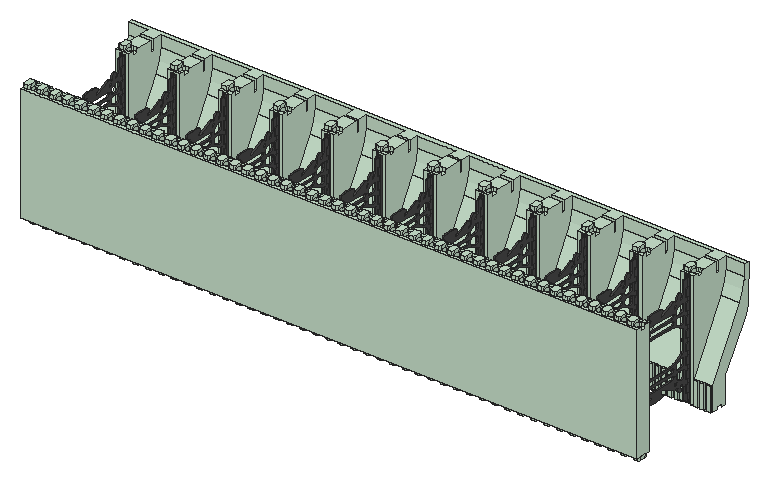
Revit family (continued)
Nested families (in)
  nested 79: "Interlock Tooth" at (21, -14.875, -18.5), type "Interlock Tooth"
  nested 80: "Interlock Tooth" at (23, -14.875, -18.5), type "Interlock Tooth"
  nested 81: "Interlock Tooth" at (25, -14.875, -18.5), type "Interlock Tooth"
  nested 82: "Interlock Tooth" at (27, -14.875, -18.5), type "Interlock Tooth"
  nested 83: "Interlock Tooth" at (29, -14.875, -18.5), type "Interlock Tooth"
  nested 84: "Interlock Tooth" at (31, -14.875, -18.5), type "Interlock Tooth"
  nested 85: "Interlock Tooth" at (33, -14.875, -18.5), type "Interlock Tooth"
  nested 86: "Interlock Tooth" at (35, -14.875, -18.5), type "Interlock Tooth"
  nested 87: "Interlock Tooth" at (37, -14.875, -18.5), type "Interlock Tooth"
  nested 88: "Interlock Tooth" at (39, -14.875, -18.5), type "Interlock Tooth"
  nested 89: "Interlock Tooth" at (41, -14.875, -18.5), type "Interlock Tooth"
  nested 90: "Interlock Tooth" at (43, -14.875, -18.5), type "Interlock Tooth"
  nested 91: "Interlock Tooth" at (45, -14.875, -18.5), type "Interlock Tooth"
  nested 92: "Interlock Tooth" at (47, -14.875, -18.5), type "Interlock Tooth"
  nested 93: "Interlock Tooth" at (49, -14.875, -18.5), type "Interlock Tooth"
  nested 94: "Interlock Tooth" at (51, -14.875, -18.5), type "Interlock Tooth"
  nested 95: "Interlock Tooth" at (53, -14.875, -18.5), type "Interlock Tooth"
  nested 96: "Interlock Tooth" at (55, -14.875, -18.5), type "Interlock Tooth"
  nested 97: "Interlock Tooth" at (57, -14.875, -18.5), type "Interlock Tooth"
  nested 98: "Interlock Tooth" at (59, -14.875, -18.5), type "Interlock Tooth"
  nested 99: "Interlock Tooth" at (61, -14.875, -18.5), type "Interlock Tooth"
  nested 100: "Interlock Tooth" at (63, -14.875, -18.5), type "Interlock Tooth"
  nested 101: "Interlock Tooth" at (65, -14.875, -18.5), type "Interlock Tooth"
  nested 102: "Interlock Tooth" at (67, -14.875, -18.5), type "Interlock Tooth"
  nested 103: "Interlock Tooth" at (69, -14.875, -18.5), type "Interlock Tooth"
  nested 104: "Interlock Tooth" at (71, -14.875, -18.5), type "Interlock Tooth"
  nested 105: "Interlock Tooth" at (73, -14.875, -18.5), type "Interlock Tooth"
  nested 106: "Interlock Tooth" at (75, -14.875, -18.5), type "Interlock Tooth"
  nested 107: "Interlock Tooth" at (77, -14.875, -18.5), type "Interlock Tooth"
  nested 108: "Interlock Tooth" at (79, -14.875, -18.5), type "Interlock Tooth"
  nested 109: "Interlock Tooth" at (81, -14.875, -18.5), type "Interlock Tooth"
  nested 110: "Interlock Tooth" at (83, -14.875, -18.5), type "Interlock Tooth"
  nested 111: "Interlock Tooth" at (85, -14.875, -18.5), type "Interlock Tooth"
  nested 112: "Interlock Tooth" at (87, -14.875, -18.5), type "Interlock Tooth"
  nested 113: "Interlock Tooth" at (89, -14.875, -18.5), type "Interlock Tooth"
  nested 114: "Interlock Tooth" at (91, -14.875, -18.5), type "Interlock Tooth"
  nested 115: "Interlock Tooth" at (93, -14.875, -18.5), type "Interlock Tooth"
  nested 116: "Interlock Tooth" at (95, -14.875, -18.5), type "Interlock Tooth"
  nested 117: "Interlock Tooth" at (0, 0, -18.5), type "Interlock Tooth"
  nested 118: "Interlock Tooth" at (2, 0, -18.5), type "Interlock Tooth"
  nested 119: "Interlock Tooth" at (4, 0, -18.5), type "Interlock Tooth"
  nested 120: "Interlock Tooth" at (6, 0, -18.5), type "Interlock Tooth"
  nested 121: "Interlock Tooth" at (8, 0, -18.5), type "Interlock Tooth"
  nested 122: "Interlock Tooth" at (10, 0, -18.5), type "Interlock Tooth"
  nested 123: "Interlock Tooth" at (12, 0, -18.5), type "Interlock Tooth"
  nested 124: "Interlock Tooth" at (14, 0, -18.5), type "Interlock Tooth"
  nested 125: "Interlock Tooth" at (16, 0, -18.5), type "Interlock Tooth"
  nested 126: "Interlock Tooth" at (18, 0, -18.5), type "Interlock Tooth"
  nested 127: "Interlock Tooth" at (20, 0, -18.5), type "Interlock Tooth"
  nested 128: "Interlock Tooth" at (22, 0, -18.5), type "Interlock Tooth"
  nested 129: "Interlock Tooth" at (24, 0, -18.5), type "Interlock Tooth"
  nested 130: "Interlock Tooth" at (26, 0, -18.5), type "Interlock Tooth"
  nested 131: "Interlock Tooth" at (28, 0, -18.5), type "Interlock Tooth"
  nested 132: "Interlock Tooth" at (30, 0, -18.5), type "Interlock Tooth"
  nested 133: "Interlock Tooth" at (32, 0, -18.5), type "Interlock Tooth"
  nested 134: "Interlock Tooth" at (34, 0, -18.5), type "Interlock Tooth"
  nested 135: "Interlock Tooth" at (36, 0, -18.5), type "Interlock Tooth"
  nested 136: "Interlock Tooth" at (38, 0, -18.5), type "Interlock Tooth"
  nested 137: "Interlock Tooth" at (40, 0, -18.5), type "Interlock Tooth"
  nested 138: "Interlock Tooth" at (42, 0, -18.5), type "Interlock Tooth"
  nested 139: "Interlock Tooth" at (44, 0, -18.5), type "Interlock Tooth"
  nested 140: "Interlock Tooth" at (46, 0, -18.5), type "Interlock Tooth"
  nested 141: "Interlock Tooth" at (48, 0, -18.5), type "Interlock Tooth"
  nested 142: "Interlock Tooth" at (50, 0, -18.5), type "Interlock Tooth"
  nested 143: "Interlock Tooth" at (52, 0, -18.5), type "Interlock Tooth"
  nested 144: "Interlock Tooth" at (54, 0, -18.5), type "Interlock Tooth"
  nested 145: "Interlock Tooth" at (56, 0, -18.5), type "Interlock Tooth"
  nested 146: "Interlock Tooth" at (58, 0, -18.5), type "Interlock Tooth"
  nested 147: "Interlock Tooth" at (60, 0, -18.5), type "Interlock Tooth"
  nested 148: "Interlock Tooth" at (62, 0, -18.5), type "Interlock Tooth"
  nested 149: "Interlock Tooth" at (64, 0, -18.5), type "Interlock Tooth"
  nested 150: "Interlock Tooth" at (66, 0, -18.5), type "Interlock Tooth"
  nested 151: "Interlock Tooth" at (68, 0, -18.5), type "Interlock Tooth"
  nested 152: "Interlock Tooth" at (70, 0, -18.5), type "Interlock Tooth"
  nested 153: "Interlock Tooth" at (72, 0, -18.5), type "Interlock Tooth"
  nested 154: "Interlock Tooth" at (74, 0, -18.5), type "Interlock Tooth"
  nested 155: "Interlock Tooth" at (76, 0, -18.5), type "Interlock Tooth"
  nested 156: "Interlock Tooth" at (78, 0, -18.5), type "Interlock Tooth"
  nested 157: "Interlock Tooth" at (80, 0, -18.5), type "Interlock Tooth"
  nested 158: "Interlock Tooth" at (82, 0, -18.5), type "Interlock Tooth"
  nested 159: "Interlock Tooth" at (84, 0, -18.5), type "Interlock Tooth"
  nested 160: "Interlock Tooth" at (86, 0, -18.5), type "Interlock Tooth"
  nested 161: "Interlock Tooth" at (88, 0, -18.5), type "Interlock Tooth"
  nested 162: "Interlock Tooth" at (90, 0, -18.5), type "Interlock Tooth"
  nested 163: "Interlock Tooth" at (92, 0, -18.5), type "Interlock Tooth"
  nested 164: "Interlock Tooth" at (94, 0, -18.5), type "Interlock Tooth"
  nested 165: "Interlock Tooth" at (0, 0, 0), type "Interlock Tooth", not visible
  nested 166: "Interlock Tooth" at (2, 0, 0), type "Interlock Tooth", not visible
  nested 167: "Interlock Tooth" at (4, 0, 0), type "Interlock Tooth", not visible
  nested 168: "Interlock Tooth" at (6, 0, 0), type "Interlock Tooth", not visible
  nested 169: "Interlock Tooth" at (8, 0, 0), type "Interlock Tooth", not visible
  nested 170: "Interlock Tooth" at (10, 0, 0), type "Interlock Tooth", not visible
  nested 171: "Interlock Tooth" at (12, 0, 0), type "Interlock Tooth", not visible
  nested 172: "Interlock Tooth" at (14, 0, 0), type "Interlock Tooth", not visible
  nested 173: "Interlock Tooth" at (16, 0, 0), type "Interlock Tooth", not visible
  nested 174: "Interlock Tooth" at (18, 0, 0), type "Interlock Tooth", not visible
  nested 175: "Interlock Tooth" at (20, 0, 0), type "Interlock Tooth", not visible
  nested 176: "Interlock Tooth" at (22, 0, 0), type "Interlock Tooth", not visible
  nested 177: "Interlock Tooth" at (24, 0, 0), type "Interlock Tooth", not visible
  nested 178: "Interlock Tooth" at (26, 0, 0), type "Interlock Tooth", not visible
  nested 179: "Interlock Tooth" at (28, 0, 0), type "Interlock Tooth", not visible
  nested 180: "Interlock Tooth" at (30, 0, 0), type "Interlock Tooth", not visible
  nested 181: "Interlock Tooth" at (32, 0, 0), type "Interlock Tooth", not visible
  nested 182: "Interlock Tooth" at (34, 0, 0), type "Interlock Tooth", not visible
  nested 183: "Interlock Tooth" at (36, 0, 0), type "Interlock Tooth", not visible
  nested 184: "Interlock Tooth" at (38, 0, 0), type "Interlock Tooth", not visible
  nested 185: "Interlock Tooth" at (40, 0, 0), type "Interlock Tooth", not visible
  nested 186: "Interlock Tooth" at (42, 0, 0), type "Interlock Tooth", not visible
  nested 187: "Interlock Tooth" at (44, 0, 0), type "Interlock Tooth", not visible
  nested 188: "Interlock Tooth" at (46, 0, 0), type "Interlock Tooth", not visible
  nested 189: "Interlock Tooth" at (48, 0, 0), type "Interlock Tooth", not visible
  nested 190: "Interlock Tooth" at (50, 0, 0), type "Interlock Tooth", not visible
  nested 191: "Interlock Tooth" at (52, 0, 0), type "Interlock Tooth", not visible
  nested 192: "Interlock Tooth" at (54, 0, 0), type "Interlock Tooth", not visible
  nested 193: "Interlock Tooth" at (56, 0, 0), type "Interlock Tooth", not visible
  nested 194: "Interlock Tooth" at (58, 0, 0), type "Interlock Tooth", not visible
  nested 195: "Interlock Tooth" at (60, 0, 0), type "Interlock Tooth", not visible
  nested 196: "Interlock Tooth" at (62, 0, 0), type "Interlock Tooth", not visible
  nested 197: "Interlock Tooth" at (64, 0, 0), type "Interlock Tooth", not visible
  nested 198: "Interlock Tooth" at (66, 0, 0), type "Interlock Tooth", not visible
  nested 199: "Interlock Tooth" at (68, 0, 0), type "Interlock Tooth", not visible
  nested 200: "Interlock Tooth" at (70, 0, 0), type "Interlock Tooth", not visible
  nested 201: "Interlock Tooth" at (72, 0, 0), type "Interlock Tooth", not visible
  nested 202: "Interlock Tooth" at (74, 0, 0), type "Interlock Tooth", not visible
  nested 203: "Interlock Tooth" at (76, 0, 0), type "Interlock Tooth", not visible
  nested 204: "Interlock Tooth" at (78, 0, 0), type "Interlock Tooth", not visible
  nested 205: "Interlock Tooth" at (80, 0, 0), type "Interlock Tooth", not visible
  nested 206: "Interlock Tooth" at (82, 0, 0), type "Interlock Tooth", not visible
  nested 207: "Interlock Tooth" at (84, 0, 0), type "Interlock Tooth", not visible
  nested 208: "Interlock Tooth" at (86, 0, 0), type "Interlock Tooth", not visible
  nested 209: "Interlock Tooth" at (88, 0, 0), type "Interlock Tooth", not visible
  nested 210: "Interlock Tooth" at (90, 0, 0), type "Interlock Tooth", not visible
  nested 211: "Interlock Tooth" at (92, 0, 0), type "Interlock Tooth", not visible
  nested 212: "Interlock Tooth" at (94, 0, 0), type "Interlock Tooth", not visible
  nested 213: "Interlock Tooth" at (1, 8.875, 0), type "Interlock Tooth", not visible
  nested 214: "Interlock Tooth" at (3, 8.875, 0), type "Interlock Tooth", not visible
  nested 215: "Interlock Tooth" at (5, 8.875, 0), type "Interlock Tooth", not visible
  nested 216: "Interlock Tooth" at (7, 8.875, 0), type "Interlock Tooth", not visible
  nested 217: "Interlock Tooth" at (9, 8.875, 0), type "Interlock Tooth", not visible
  nested 218: "Interlock Tooth" at (11, 8.875, 0), type "Interlock Tooth", not visible
  nested 219: "Interlock Tooth" at (13, 8.875, 0), type "Interlock Tooth", not visible
  nested 220: "Interlock Tooth" at (15, 8.875, 0), type "Interlock Tooth", not visible
  nested 221: "Interlock Tooth" at (17, 8.875, 0), type "Interlock Tooth", not visible
  nested 222: "Interlock Tooth" at (19, 8.875, 0), type "Interlock Tooth", not visible
  nested 223: "Interlock Tooth" at (21, 8.875, 0), type "Interlock Tooth", not visible
  nested 224: "Interlock Tooth" at (23, 8.875, 0), type "Interlock Tooth", not visible
  nested 225: "Interlock Tooth" at (25, 8.875, 0), type "Interlock Tooth", not visible
  nested 226: "Interlock Tooth" at (27, 8.875, 0), type "Interlock Tooth", not visible
  nested 227: "Interlock Tooth" at (29, 8.875, 0), type "Interlock Tooth", not visible
  nested 228: "Interlock Tooth" at (31, 8.875, 0), type "Interlock Tooth", not visible
  nested 229: "Interlock Tooth" at (33, 8.875, 0), type "Interlock Tooth", not visible
  nested 230: "Interlock Tooth" at (35, 8.875, 0), type "Interlock Tooth", not visible
  nested 231: "Interlock Tooth" at (37, 8.875, 0), type "Interlock Tooth", not visible
  nested 232: "Interlock Tooth" at (39, 8.875, 0), type "Interlock Tooth", not visible
  nested 233: "Interlock Tooth" at (41, 8.875, 0), type "Interlock Tooth", not visible
  nested 234: "Interlock Tooth" at (43, 8.875, 0), type "Interlock Tooth", not visible
  nested 235: "Interlock Tooth" at (45, 8.875, 0), type "Interlock Tooth", not visible
  nested 236: "Interlock Tooth" at (47, 8.875, 0), type "Interlock Tooth", not visible
  nested 237: "Interlock Tooth" at (49, 8.875, 0), type "Interlock Tooth", not visible
  nested 238: "Interlock Tooth" at (51, 8.875, 0), type "Interlock Tooth", not visible
  nested 239: "Interlock Tooth" at (53, 8.875, 0), type "Interlock Tooth", not visible
  nested 240: "Interlock Tooth" at (55, 8.875, 0), type "Interlock Tooth", not visible
  nested 241: "Interlock Tooth" at (57, 8.875, 0), type "Interlock Tooth", not visible
  nested 242: "Interlock Tooth" at (59, 8.875, 0), type "Interlock Tooth", not visible
  nested 243: "Interlock Tooth" at (61, 8.875, 0), type "Interlock Tooth", not visible
  nested 244: "Interlock Tooth" at (63, 8.875, 0), type "Interlock Tooth", not visible
  nested 245: "Interlock Tooth" at (65, 8.875, 0), type "Interlock Tooth", not visible
  nested 246: "Interlock Tooth" at (67, 8.875, 0), type "Interlock Tooth", not visible
  nested 247: "Interlock Tooth" at (69, 8.875, 0), type "Interlock Tooth", not visible
  nested 248: "Interlock Tooth" at (71, 8.875, 0), type "Interlock Tooth", not visible
  nested 249: "Interlock Tooth" at (73, 8.875, 0), type "Interlock Tooth", not visible
  nested 250: "Interlock Tooth" at (75, 8.875, 0), type "Interlock Tooth", not visible
  nested 251: "Interlock Tooth" at (77, 8.875, 0), type "Interlock Tooth", not visible
  nested 252: "Interlock Tooth" at (79, 8.875, 0), type "Interlock Tooth", not visible
  nested 253: "Interlock Tooth" at (81, 8.875, 0), type "Interlock Tooth", not visible
  nested 254: "Interlock Tooth" at (83, 8.875, 0), type "Interlock Tooth", not visible
  nested 255: "Interlock Tooth" at (85, 8.875, 0), type "Interlock Tooth", not visible
  nested 256: "Interlock Tooth" at (87, 8.875, 0), type "Interlock Tooth", not visible
  nested 257: "Interlock Tooth" at (89, 8.875, 0), type "Interlock Tooth", not visible
  nested 258: "Interlock Tooth" at (91, 8.875, 0), type "Interlock Tooth", not visible
  nested 259: "Interlock Tooth" at (93, 8.875, 0), type "Interlock Tooth", not visible
  nested 260: "Interlock Tooth" at (95, 8.875, 0), type "Interlock Tooth", not visible
  nested 261: "NUDURA Logo Diamond" at (0, -11.625, 0), type "NUDURA Logo Diamond"
  nested 262: "NUDURA Logo Diamond" at (24, -11.625, 0), type "NUDURA Logo Diamond"
  nested 263: "NUDURA Logo Diamond" at (48, -11.625, 0), type "NUDURA Logo Diamond"
  nested 264: "NUDURA Logo Diamond" at (72, -11.625, 0), type "NUDURA Logo Diamond"
  nested 265: "NUDURA Brick Ledge Diamond Pattern" at (88, 11.25, 0), type "NUDURA Brick Ledge Diamond Pattern"
  nested 266: "NUDURA Brick Ledge Diamond Pattern" at (80, 11.25, 0), type "NUDURA Brick Ledge Diamond Pattern"
  nested 267: "NUDURA Brick Ledge Diamond Pattern" at (72, 11.25, 0), type "NUDURA Brick Ledge Diamond Pattern"
  nested 268: "NUDURA Brick Ledge Diamond Pattern" at (64, 11.25, 0), type "NUDURA Brick Ledge Diamond Pattern"
  nested 269: "NUDURA Brick Ledge Diamond Pattern" at (56, 11.25, 0), type "NUDURA Brick Ledge Diamond Pattern"
  nested 270: "NUDURA Brick Ledge Diamond Pattern" at (48, 11.25, 0), type "NUDURA Brick Ledge Diamond Pattern"
  nested 271: "NUDURA Brick Ledge Diamond Pattern" at (40, 11.25, 0), type "NUDURA Brick Ledge Diamond Pattern"
  nested 272: "NUDURA Brick Ledge Diamond Pattern" at (32, 11.25, 0), type "NUDURA Brick Ledge Diamond Pattern"
  nested 273: "NUDURA Brick Ledge Diamond Pattern" at (24, 11.25, 0), type "NUDURA Brick Ledge Diamond Pattern"
  nested 274: "NUDURA Brick Ledge Diamond Pattern" at (16, 11.25, 0), type "NUDURA Brick Ledge Diamond Pattern"
  nested 275: "NUDURA Brick Ledge Diamond Pattern" at (8, 11.25, 0), type "NUDURA Brick Ledge Diamond Pattern"
  nested 276: "NUDURA Brick Ledge Diamond Pattern" at (0, 11.25, 0), type "NUDURA Brick Ledge Diamond Pattern"
  nested 277: "12-inch Insert Web" at (4, -3, 0), type "12-inch Insert Web"
  nested 278: "12-inch Insert Web" at (12, -3, 0), type "12-inch Insert Web"
  nested 279: "12-inch Insert Web" at (20, -3, 0), type "12-inch Insert Web"
  nested 280: "12-inch Insert Web" at (28, -3, 0), type "12-inch Insert Web"
  nested 281: "12-inch Insert Web" at (36, -3, 0), type "12-inch Insert Web"
  nested 282: "12-inch Insert Web" at (44, -3, 0), type "12-inch Insert Web"
  nested 283: "12-inch Insert Web" at (52, -3, 0), type "12-inch Insert Web"
  nested 284: "12-inch Insert Web" at (60, -3, 0), type "12-inch Insert Web"
  nested 285: "12-inch Insert Web" at (68, -3, 0), type "12-inch Insert Web"
  nested 286: "12-inch Insert Web" at (76, -3, 0), type "12-inch Insert Web"
  nested 287: "12-inch Insert Web" at (84, -3, 0), type "12-inch Insert Web"
  nested 288: "12-inch Insert Web" at (92, -3, 0), type "12-inch Insert Web"
Definition of nested family "Interlock Tooth"
  Reference planes (in)
    plane 1 "Center (Front/Back)": y = 0
    plane 2: z = 0
    plane 3 "Center (Left/Right)": x = 0
    plane 4: z = 18
    plane 5: z = 18.5
    plane 6: z = -0.5
  Forms (in)
    Extrusion 1, solid, material "NUDURA Expanded Polystyrene Foam Insulation"
      sketch origin (0, -8.875, 0) x (1, 0, 0) y (0, 1, 0)
        loop
          arc (0, 3.97692) -> (0.04785, 3.82983) -> (0.17308, 3.73905) r 0.25
          arc (0.17308, 3.73905) -> (0.5, 3.6875) -> (0.82692, 3.73905) r 1.0625
          arc (0.82692, 3.73905) -> (0.95215, 3.82983) -> (1, 3.97692) r 0.25
          line (1, 3.97692) -> (1, 4.89808)
          arc (1, 4.89808) -> (0.95215, 5.04517) -> (0.82692, 5.13595) r 0.25
          arc (0.82692, 5.13595) -> (0.5, 5.1875) -> (0.17308, 5.13595) r 1.0625
          arc (0.17308, 5.13595) -> (0.04785, 5.04517) -> (0, 4.89808) r 0.25
          line (0, 4.89808) -> (0, 3.97692)
      from 18 to 18.5
  Dimensions and locks (in)
    locked: plane 4 to level at 18
    locked: plane 4 to plane 5 at 0.5
    locked: plane 6 to level at 0.5
Definition of nested family "12-inch Insert Web"
  Reference planes (in)
    plane 1 "Center (Front/Back)": y = 0
    plane 2: z = 0
    plane 3 "Center (Left/Right)": x = 0
  Forms (in)
    Extrusion 1, solid, material "High Density Polystyrene"
      sketch origin (0, 0, 0) x (0, 1, 0) y (0, 0, 1)
        loop
          line (6.25, 0) -> (6.25, 17.74583)
          arc (6.25, 17.74583) -> (6.22112, 17.72608) -> (6.21, 17.69292) r 0.055
          line (6.21, 17.69292) -> (6.21, 0.05292)
          arc (6.21, 0.05292) -> (6.22112, 0.01975) -> (6.25, 0) r 0.055
        loop
          arc (-6.25, 0) -> (-6.22112, 0.01975) -> (-6.21, 0.05292) r 0.055
          line (-6.21, 0.05292) -> (-6.21, 17.69292)
          arc (-6.21, 17.69292) -> (-6.22112, 17.72608) -> (-6.25, 17.74583) r 0.055
          line (-6.25, 17.74583) -> (-6.25, 0)
      from 0.36328 to -0.36328
    Extrusion 2, solid, material "High Density Polystyrene"
      sketch origin (0, 0, 0) x (0, 1, 0) y (0, 0, 1)
        loop
          arc (6.18889, 17.40785) -> (6.20374, 17.40241) -> (6.21, 17.38789) r 0.02
          line (6.21, 17.38789) -> (6.21, 17.63668)
          arc (6.21, 17.63668) -> (6.20585, 17.62147) -> (6.19457, 17.61045) r 0.03
          line (6.19457, 17.61045) -> (6.12543, 17.57204)
          arc (6.12543, 17.57204) -> (6.11414, 17.56103) -> (6.11, 17.54582) r 0.03
          line (6.11, 17.54582) -> (6.11, 17.42461)
          arc (6.11, 17.42461) -> (6.11625, 17.41008) -> (6.13111, 17.40464) r 0.02
          line (6.13111, 17.40464) -> (6.18889, 17.40785)
        loop
          line (-6.12543, 17.57204) -> (-6.19457, 17.61045)
          arc (-6.19457, 17.61045) -> (-6.20585, 17.62147) -> (-6.21, 17.63668) r 0.03
          line (-6.21, 17.63668) -> (-6.21, 17.38789)
          arc (-6.21, 17.38789) -> (-6.20374, 17.40241) -> (-6.18889, 17.40785) r 0.02
          line (-6.18889, 17.40785) -> (-6.13111, 17.40464)
          arc (-6.13111, 17.40464) -> (-6.11625, 17.41008) -> (-6.11, 17.42461) r 0.02
          line (-6.11, 17.42461) -> (-6.11, 17.54582)
          arc (-6.11, 17.54582) -> (-6.11414, 17.56103) -> (-6.12543, 17.57204) r 0.03
        loop
          line (6.18889, 0.33798) -> (6.13111, 0.34119)
          arc (6.13111, 0.34119) -> (6.11625, 0.33575) -> (6.11, 0.32122) r 0.02
          line (6.11, 0.32122) -> (6.11, 0.20001)
          arc (6.11, 0.20001) -> (6.11414, 0.1848) -> (6.12543, 0.17379) r 0.03
          line (6.12543, 0.17379) -> (6.19457, 0.13538)
          arc (6.19457, 0.13538) -> (6.20585, 0.12437) -> (6.21, 0.10915) r 0.03
          line (6.21, 0.10915) -> (6.21, 0.35795)
          arc (6.21, 0.35795) -> (6.20374, 0.34342) -> (6.18889, 0.33798) r 0.02
        loop
          arc (-6.12543, 0.17379) -> (-6.11414, 0.1848) -> (-6.11, 0.20001) r 0.03
          line (-6.11, 0.20001) -> (-6.11, 0.32122)
          arc (-6.11, 0.32122) -> (-6.11625, 0.33575) -> (-6.13111, 0.34119) r 0.02
          line (-6.13111, 0.34119) -> (-6.18889, 0.33798)
          arc (-6.18889, 0.33798) -> (-6.20374, 0.34342) -> (-6.21, 0.35795) r 0.02
          line (-6.21, 0.35795) -> (-6.21, 0.10915)
          arc (-6.21, 0.10915) -> (-6.20585, 0.12437) -> (-6.19457, 0.13538) r 0.03
          line (-6.19457, 0.13538) -> (-6.12543, 0.17379)
        loop
          line (6, 17.20772) -> (5.925, 17.43772)
          arc (5.925, 17.43772) -> (5.875, 17.46772) -> (5.825, 17.43772) r 0.05667
          line (5.825, 17.43772) -> (5.77609, 17.28772) -> (5.64893, 17.28772)
          arc (5.64893, 17.28772) -> (5.61433, 17.27339) -> (5.6, 17.2388) r 0.04893
          line (5.6, 17.2388) -> (5.6, 17.20772) -> (5.5, 17.20772) -> (5.5, 15.75595)
          arc (5.5, 15.75595) -> (5.43087, 15.489) -> (5.24086, 15.28915) r 0.55
          arc (5.24086, 15.28915) -> (5.19232, 15.23289) -> (5.1843, 15.15901) r 0.125
          arc (5.1843, 15.15901) -> (4.73923, 14.83241) -> (4.77171, 15.3835) r 0.305
          arc (4.77171, 15.3835) -> (4.89426, 15.66948) -> (4.60829, 15.79202) r 0.22
          arc (4.60829, 15.79202) -> (4.25428, 15.49683) -> (4.14171, 15.04986) r 0.745
          arc (4.14171, 15.04986) -> (4.09808, 14.63491) -> (3.96932, 14.23805) r 2
          arc (3.96932, 14.23805) -> (3.47025, 14.23431) -> (3.63581, 14.70513) r 0.305
          arc (3.63581, 14.70513) -> (3.78874, 15.03658) -> (3.43743, 15.1357) r 0.24
          line (3.43743, 15.1357) -> (1.31021, 14.13634)
          arc (1.31021, 14.13634) -> (0.87667, 14.28198) -> (1.07505, 14.69406) r 0.305
          arc (1.07505, 14.69406) -> (1.24991, 14.91838) -> (1.08783, 15.15211) r 0.24
          arc (1.08783, 15.15211) -> (0.76801, 15.23299) -> (0.43924, 15.2602) r 2
          line (0.43924, 15.2602) -> (0, 15.2602) -> (-0.43924, 15.2602)
          arc (-0.43924, 15.2602) -> (-0.76801, 15.23299) -> (-1.08783, 15.15211) r 2
          arc (-1.08783, 15.15211) -> (-1.24991, 14.91838) -> (-1.07505, 14.69406) r 0.24
          arc (-1.07505, 14.69406) -> (-0.87667, 14.28198) -> (-1.31021, 14.13634) r 0.305
          line (-1.31021, 14.13634) -> (-3.43743, 15.1357)
          arc (-3.43743, 15.1357) -> (-3.78874, 15.03658) -> (-3.63581, 14.70513) r 0.24
          arc (-3.63581, 14.70513) -> (-3.47025, 14.23431) -> (-3.96932, 14.23805) r 0.305
          arc (-3.96932, 14.23805) -> (-4.09808, 14.63491) -> (-4.14171, 15.04986) r 2
          arc (-4.14171, 15.04986) -> (-4.25428, 15.49683) -> (-4.60829, 15.79202) r 0.745
          arc (-4.60829, 15.79202) -> (-4.89426, 15.66948) -> (-4.77171, 15.3835) r 0.22
          arc (-4.77171, 15.3835) -> (-4.73923, 14.83241) -> (-5.1843, 15.15901) r 0.305
          arc (-5.1843, 15.15901) -> (-5.19232, 15.23289) -> (-5.24086, 15.28915) r 0.125
          arc (-5.24086, 15.28915) -> (-5.43087, 15.489) -> (-5.5, 15.75595) r 0.55
          line (-5.5, 15.75595) -> (-5.5, 17.20772) -> (-5.6, 17.20772) -> (-5.6, 17.2388)
          arc (-5.6, 17.2388) -> (-5.61433, 17.27339) -> (-5.64893, 17.28772) r 0.04893
          line (-5.64893, 17.28772) -> (-5.77609, 17.28772) -> (-5.825, 17.43772)
          arc (-5.825, 17.43772) -> (-5.875, 17.46772) -> (-5.925, 17.43772) r 0.05667
          line (-5.925, 17.43772) -> (-6, 17.20772) -> (-6, 0.66519) -> (-5.925, 0.43519)
          arc (-5.925, 0.43519) -> (-5.875, 0.40519) -> (-5.825, 0.43519) r 0.05667
          line (-5.825, 0.43519) -> (-5.77609, 0.58519) -> (-5.64893, 0.58519)
          arc (-5.64893, 0.58519) -> (-5.61433, 0.59952) -> (-5.6, 0.63412) r 0.04893
          line (-5.6, 0.63412) -> (-5.6, 0.66519) -> (-5.5, 0.66519) -> (-5.5, 2.24405)
          arc (-5.5, 2.24405) -> (-5.43087, 2.511) -> (-5.24086, 2.71085) r 0.55
          arc (-5.24086, 2.71085) -> (-5.19232, 2.76711) -> (-5.1843, 2.84099) r 0.125
          arc (-5.1843, 2.84099) -> (-4.73923, 3.16759) -> (-4.77171, 2.6165) r 0.305
          arc (-4.77171, 2.6165) -> (-4.89426, 2.33052) -> (-4.60829, 2.20798) r 0.22
          arc (-4.60829, 2.20798) -> (-4.25428, 2.50317) -> (-4.14171, 2.95014) r 0.745
          arc (-4.14171, 2.95014) -> (-4.09808, 3.36509) -> (-3.96932, 3.76195) r 2
          arc (-3.96932, 3.76195) -> (-3.47025, 3.76569) -> (-3.63581, 3.29487) r 0.305
          arc (-3.63581, 3.29487) -> (-3.78874, 2.96342) -> (-3.43743, 2.8643) r 0.24
          line (-3.43743, 2.8643) -> (-1.31021, 3.86366)
          arc (-1.31021, 3.86366) -> (-0.87667, 3.71802) -> (-1.07505, 3.30594) r 0.305
          arc (-1.07505, 3.30594) -> (-1.24991, 3.08162) -> (-1.08783, 2.84789) r 0.24
          arc (-1.08783, 2.84789) -> (-0.76801, 2.76701) -> (-0.43924, 2.7398) r 2
          line (-0.43924, 2.7398) -> (0, 2.7398) -> (0.43924, 2.7398)
          arc (0.43924, 2.7398) -> (0.76801, 2.76701) -> (1.08783, 2.84789) r 2
          arc (1.08783, 2.84789) -> (1.24991, 3.08162) -> (1.07505, 3.30594) r 0.24
          arc (1.07505, 3.30594) -> (0.87667, 3.71802) -> (1.31021, 3.86366) r 0.305
          line (1.31021, 3.86366) -> (3.43743, 2.8643)
          arc (3.43743, 2.8643) -> (3.78874, 2.96342) -> (3.63581, 3.29487) r 0.24
          arc (3.63581, 3.29487) -> (3.47025, 3.76569) -> (3.96932, 3.76195) r 0.305
          arc (3.96932, 3.76195) -> (4.09808, 3.36509) -> (4.14171, 2.95014) r 2
          arc (4.14171, 2.95014) -> (4.25428, 2.50317) -> (4.60829, 2.20798) r 0.745
          arc (4.60829, 2.20798) -> (4.89426, 2.33052) -> (4.77171, 2.6165) r 0.22
          arc (4.77171, 2.6165) -> (4.73923, 3.16759) -> (5.1843, 2.84099) r 0.305
          arc (5.1843, 2.84099) -> (5.19232, 2.76711) -> (5.24086, 2.71085) r 0.125
          arc (5.24086, 2.71085) -> (5.43087, 2.511) -> (5.5, 2.24405) r 0.55
          line (5.5, 2.24405) -> (5.5, 0.66519) -> (5.6, 0.66519) -> (5.6, 0.63412)
          arc (5.6, 0.63412) -> (5.61433, 0.59952) -> (5.64893, 0.58519) r 0.04893
          line (5.64893, 0.58519) -> (5.77609, 0.58519) -> (5.825, 0.43519)
          arc (5.825, 0.43519) -> (5.875, 0.40519) -> (5.925, 0.43519) r 0.05667
          line (5.925, 0.43519) -> (6, 0.66519) -> (6, 17.20772)
        loop
          arc (3.02319, 4.29202) -> (3.16251, 4.2877) -> (3.3013, 4.27477) r 2.25
          arc (3.3013, 4.27477) -> (3.48148, 4.41353) -> (3.6, 4.60763) r 0.62421
          line (3.6, 4.60763) -> (3.6, 4.73363)
          arc (3.6, 4.73363) -> (3.4551, 4.96314) -> (3.22579, 5.10835) r 0.61747
          line (3.22579, 5.10835) -> (0, 5.10835) -> (-3.22579, 5.10835)
          arc (-3.22579, 5.10835) -> (-3.4551, 4.96314) -> (-3.6, 4.73363) r 0.61747
          line (-3.6, 4.73363) -> (-3.6, 4.60763)
          arc (-3.6, 4.60763) -> (-3.48148, 4.41353) -> (-3.3013, 4.27477) r 0.62421
          arc (-3.3013, 4.27477) -> (-3.16251, 4.2877) -> (-3.02319, 4.29202) r 2.25
          line (-3.02319, 4.29202) -> (0, 4.29202) -> (3.02319, 4.29202)
        loop
          line (4.08806, 4.02826) -> (4.96605, 3.61736)
          arc (4.96605, 3.61736) -> (5.32627, 3.64059) -> (5.5, 3.95701) r 0.375
          line (5.5, 3.95701) -> (5.5, 4.48373)
          arc (5.5, 4.48373) -> (5.31694, 4.92567) -> (4.875, 5.10873) r 0.625
          line (4.875, 5.10873) -> (4.3, 5.10873)
          arc (4.3, 5.10873) -> (3.94645, 4.96229) -> (3.8, 4.60873) r 0.5
          line (3.8, 4.60873) -> (3.8, 4.48112)
          arc (3.8, 4.48112) -> (3.87812, 4.21276) -> (4.08806, 4.02826) r 0.5
        loop
          line (5.5, 5.91373) -> (5.5, 6.44046)
          arc (5.5, 6.44046) -> (5.32627, 6.75687) -> (4.96605, 6.78011) r 0.375
          line (4.96605, 6.78011) -> (4.08806, 6.36921)
          arc (4.08806, 6.36921) -> (3.87812, 6.18471) -> (3.8, 5.91635) r 0.5
          line (3.8, 5.91635) -> (3.8, 5.78873)
          arc (3.8, 5.78873) -> (3.94645, 5.43518) -> (4.3, 5.28873) r 0.5
          line (4.3, 5.28873) -> (4.875, 5.28873)
          arc (4.875, 5.28873) -> (5.31694, 5.47179) -> (5.5, 5.91373) r 0.625
        loop
          arc (3.30123, 6.1222) -> (3.16288, 6.10935) -> (3.02401, 6.10506) r 2.25
          line (3.02401, 6.10506) -> (0, 6.10506) -> (-3.02401, 6.10506)
          arc (-3.02401, 6.10506) -> (-3.16288, 6.10935) -> (-3.30123, 6.1222) r 2.25
          arc (-3.30123, 6.1222) -> (-3.48146, 5.98344) -> (-3.6, 5.7893) r 0.62421
          line (-3.6, 5.7893) -> (-3.6, 5.66335)
          arc (-3.6, 5.66335) -> (-3.45481, 5.43354) -> (-3.225, 5.28835) r 0.61747
          line (-3.225, 5.28835) -> (0, 5.28835) -> (3.225, 5.28835)
          arc (3.225, 5.28835) -> (3.45481, 5.43354) -> (3.6, 5.66335) r 0.61747
          line (3.6, 5.66335) -> (3.6, 5.7893)
          arc (3.6, 5.7893) -> (3.48146, 5.98344) -> (3.30123, 6.1222) r 0.62421
        loop
          arc (-4.08806, 4.02826) -> (-3.87812, 4.21276) -> (-3.8, 4.48112) r 0.5
          line (-3.8, 4.48112) -> (-3.8, 4.60873)
          arc (-3.8, 4.60873) -> (-3.94645, 4.96229) -> (-4.3, 5.10873) r 0.5
          line (-4.3, 5.10873) -> (-4.875, 5.10873)
          arc (-4.875, 5.10873) -> (-5.31694, 4.92567) -> (-5.5, 4.48373) r 0.625
          line (-5.5, 4.48373) -> (-5.5, 3.95701)
          arc (-5.5, 3.95701) -> (-5.32627, 3.64059) -> (-4.96605, 3.61736) r 0.375
          line (-4.96605, 3.61736) -> (-4.08806, 4.02826)
        loop
          arc (-5.5, 5.91373) -> (-5.31694, 5.47179) -> (-4.875, 5.28873) r 0.625
          line (-4.875, 5.28873) -> (-4.3, 5.28873)
          arc (-4.3, 5.28873) -> (-3.94645, 5.43518) -> (-3.8, 5.78873) r 0.5
          line (-3.8, 5.78873) -> (-3.8, 5.91635)
          arc (-3.8, 5.91635) -> (-3.87812, 6.18471) -> (-4.08806, 6.36921) r 0.5
          line (-4.08806, 6.36921) -> (-4.96605, 6.78011)
          arc (-4.96605, 6.78011) -> (-5.32627, 6.75687) -> (-5.5, 6.44046) r 0.375
          line (-5.5, 6.44046) -> (-5.5, 5.91373)
        loop
          line (5.5, 7.54678) -> (5.5, 8.68765) -> (5.38, 8.88765) -> (5.38, 9) -> (5.38, 9.11235) -> (5.5, 9.31235) -> (5.5, 10.45322)
          arc (5.5, 10.45322) -> (5.42188, 10.72158) -> (5.21194, 10.90608) r 0.5
          line (5.21194, 10.90608) -> (3.95372, 11.49492)
          arc (3.95372, 11.49492) -> (3.48851, 11.65338) -> (3, 11.70705) r 2.25
          line (3, 11.70705) -> (0, 11.70705) -> (-3, 11.70705)
          arc (-3, 11.70705) -> (-3.48851, 11.65338) -> (-3.95372, 11.49492) r 2.25
          line (-3.95372, 11.49492) -> (-5.21194, 10.90608)
          arc (-5.21194, 10.90608) -> (-5.42188, 10.72158) -> (-5.5, 10.45322) r 0.5
          line (-5.5, 10.45322) -> (-5.5, 9.31235) -> (-5.38, 9.11235) -> (-5.38, 9) -> (-5.38, 8.88765) -> (-5.5, 8.68765) -> (-5.5, 7.54678)
          arc (-5.5, 7.54678) -> (-5.42188, 7.27842) -> (-5.21194, 7.09392) r 0.5
          line (-5.21194, 7.09392) -> (-3.95372, 6.50508)
          arc (-3.95372, 6.50508) -> (-3.48851, 6.34662) -> (-3, 6.29295) r 2.25
          line (-3, 6.29295) -> (0, 6.29295) -> (3, 6.29295)
          arc (3, 6.29295) -> (3.48851, 6.34662) -> (3.95372, 6.50508) r 2.25
          line (3.95372, 6.50508) -> (5.21194, 7.09392)
          arc (5.21194, 7.09392) -> (5.42188, 7.27842) -> (5.5, 7.54678) r 0.5
        loop
          line (3.02319, 13.70798) -> (0, 13.70798) -> (-3.02319, 13.70798)
          arc (-3.02319, 13.70798) -> (-3.16251, 13.7123) -> (-3.3013, 13.72523) r 2.25
          arc (-3.3013, 13.72523) -> (-3.48148, 13.58647) -> (-3.6, 13.39237) r 0.62421
          line (-3.6, 13.39237) -> (-3.6, 13.26637)
          arc (-3.6, 13.26637) -> (-3.4551, 13.03686) -> (-3.22579, 12.89165) r 0.61747
          line (-3.22579, 12.89165) -> (0, 12.89165) -> (3.22579, 12.89165)
          arc (3.22579, 12.89165) -> (3.4551, 13.03686) -> (3.6, 13.26637) r 0.61747
          line (3.6, 13.26637) -> (3.6, 13.39237)
          arc (3.6, 13.39237) -> (3.48148, 13.58647) -> (3.3013, 13.72523) r 0.62421
          arc (3.3013, 13.72523) -> (3.16251, 13.7123) -> (3.02319, 13.70798) r 2.25
        loop
          arc (4.08806, 13.97174) -> (3.87812, 13.78724) -> (3.8, 13.51888) r 0.5
          line (3.8, 13.51888) -> (3.8, 13.39127)
          arc (3.8, 13.39127) -> (3.94645, 13.03771) -> (4.3, 12.89127) r 0.5
          line (4.3, 12.89127) -> (4.875, 12.89127)
          arc (4.875, 12.89127) -> (5.31694, 13.07433) -> (5.5, 13.51627) r 0.625
          line (5.5, 13.51627) -> (5.5, 14.04299)
          arc (5.5, 14.04299) -> (5.32627, 14.35941) -> (4.96605, 14.38264) r 0.375
          line (4.96605, 14.38264) -> (4.08806, 13.97174)
        loop
          arc (5.5, 12.08627) -> (5.31694, 12.52821) -> (4.875, 12.71127) r 0.625
          line (4.875, 12.71127) -> (4.3, 12.71127)
          arc (4.3, 12.71127) -> (3.94645, 12.56482) -> (3.8, 12.21127) r 0.5
          line (3.8, 12.21127) -> (3.8, 12.08365)
          arc (3.8, 12.08365) -> (3.87812, 11.81529) -> (4.08806, 11.63079) r 0.5
          line (4.08806, 11.63079) -> (4.96605, 11.21989)
          arc (4.96605, 11.21989) -> (5.32627, 11.24313) -> (5.5, 11.55954) r 0.375
          line (5.5, 11.55954) -> (5.5, 12.08627)
        loop
          arc (3.30123, 11.8778) -> (3.48146, 12.01656) -> (3.6, 12.2107) r 0.62421
          line (3.6, 12.2107) -> (3.6, 12.33665)
          arc (3.6, 12.33665) -> (3.45481, 12.56646) -> (3.225, 12.71165) r 0.61747
          line (3.225, 12.71165) -> (0, 12.71165) -> (-3.225, 12.71165)
          arc (-3.225, 12.71165) -> (-3.45481, 12.56646) -> (-3.6, 12.33665) r 0.61747
          line (-3.6, 12.33665) -> (-3.6, 12.2107)
          arc (-3.6, 12.2107) -> (-3.48146, 12.01656) -> (-3.30123, 11.8778) r 0.62421
          arc (-3.30123, 11.8778) -> (-3.16288, 11.89065) -> (-3.02401, 11.89494) r 2.25
          line (-3.02401, 11.89494) -> (0, 11.89494) -> (3.02401, 11.89494)
          arc (3.02401, 11.89494) -> (3.16288, 11.89065) -> (3.30123, 11.8778) r 2.25
        loop
          line (-4.08806, 13.97174) -> (-4.96605, 14.38264)
          arc (-4.96605, 14.38264) -> (-5.32627, 14.35941) -> (-5.5, 14.04299) r 0.375
          line (-5.5, 14.04299) -> (-5.5, 13.51627)
          arc (-5.5, 13.51627) -> (-5.31694, 13.07433) -> (-4.875, 12.89127) r 0.625
          line (-4.875, 12.89127) -> (-4.3, 12.89127)
          arc (-4.3, 12.89127) -> (-3.94645, 13.03771) -> (-3.8, 13.39127) r 0.5
          line (-3.8, 13.39127) -> (-3.8, 13.51888)
          arc (-3.8, 13.51888) -> (-3.87812, 13.78724) -> (-4.08806, 13.97174) r 0.5
        loop
          line (-5.5, 12.08627) -> (-5.5, 11.55954)
          arc (-5.5, 11.55954) -> (-5.32627, 11.24313) -> (-4.96605, 11.21989) r 0.375
          line (-4.96605, 11.21989) -> (-4.08806, 11.63079)
          arc (-4.08806, 11.63079) -> (-3.87812, 11.81529) -> (-3.8, 12.08365) r 0.5
          line (-3.8, 12.08365) -> (-3.8, 12.21127)
          arc (-3.8, 12.21127) -> (-3.94645, 12.56482) -> (-4.3, 12.71127) r 0.5
          line (-4.3, 12.71127) -> (-4.875, 12.71127)
          arc (-4.875, 12.71127) -> (-5.31694, 12.52821) -> (-5.5, 12.08627) r 0.625
      from 0.125 to -0.125
    Extrusion 3, solid, material "High Density Polystyrene"
      sketch origin (0, 0, 0) x (0, 1, 0) y (0, 0, 1)
        loop
          line (6.21, 16.17792) -> (5.71, 16.17792) -> (5.71, 14.97792) -> (6.21, 14.97792) -> (6.21, 16.17792)
        loop
          line (6.21, 14.22792) -> (5.71, 14.22792) -> (5.71, 13.02792) -> (6.21, 13.02792) -> (6.21, 14.22792)
        loop
          line (6.21, 12.27792) -> (5.71, 12.27792) -> (5.71, 11.07792) -> (6.21, 11.07792) -> (6.21, 12.27792)
        loop
          line (6.21, 10.32792) -> (5.71, 10.32792) -> (5.71, 9.24792) -> (6.21, 9.24792) -> (6.21, 10.32792)
        loop
          line (6.21, 8.49792) -> (5.71, 8.49792) -> (5.71, 7.41792) -> (6.21, 7.41792) -> (6.21, 8.49792)
        loop
          line (6.21, 6.66792) -> (5.71, 6.66792) -> (5.71, 5.46792) -> (6.21, 5.46792) -> (6.21, 6.66792)
        loop
          line (6.21, 4.71792) -> (5.71, 4.71792) -> (5.71, 3.51792) -> (6.21, 3.51792) -> (6.21, 4.71792)
        loop
          line (6.21, 2.76792) -> (5.71, 2.76792) -> (5.71, 1.56792) -> (6.21, 1.56792) -> (6.21, 2.76792)
        loop
          line (-6.21, 16.17792) -> (-6.21, 14.97792) -> (-5.71, 14.97792) -> (-5.71, 16.17792) -> (-6.21, 16.17792)
        loop
          line (-6.21, 14.22792) -> (-6.21, 13.02792) -> (-5.71, 13.02792) -> (-5.71, 14.22792) -> (-6.21, 14.22792)
        loop
          line (-6.21, 12.27792) -> (-6.21, 11.07792) -> (-5.71, 11.07792) -> (-5.71, 12.27792) -> (-6.21, 12.27792)
        loop
          line (-6.21, 10.32792) -> (-6.21, 9.24792) -> (-5.71, 9.24792) -> (-5.71, 10.32792) -> (-6.21, 10.32792)
        loop
          line (-6.21, 8.49792) -> (-6.21, 7.41792) -> (-5.71, 7.41792) -> (-5.71, 8.49792) -> (-6.21, 8.49792)
        loop
          line (-6.21, 6.66792) -> (-6.21, 5.46792) -> (-5.71, 5.46792) -> (-5.71, 6.66792) -> (-6.21, 6.66792)
        loop
          line (-6.21, 4.71792) -> (-6.21, 3.51792) -> (-5.71, 3.51792) -> (-5.71, 4.71792) -> (-6.21, 4.71792)
        loop
          line (-6.21, 2.76792) -> (-6.21, 1.56792) -> (-5.71, 1.56792) -> (-5.71, 2.76792) -> (-6.21, 2.76792)
      from 0.25 to -0.25
    Extrusion 4, void
      sketch origin (0, 3, 0) x (1, 0, 0) y (0, 1, 0)
        loop
          line (-0.25, 2.79249) -> (-0.25, 2.71) -> (-0.1675, 2.71)
          arc (-0.1675, 2.71) -> (-0.22584, 2.73416) -> (-0.25, 2.79249) r 0.0825
      from 0 to 18
    Extrusion 5, void
      sketch origin (0, 3, 0) x (-1, 0, 0) y (0, -1, 0)
        loop
          arc (-0.25, -2.79249) -> (-0.22584, -2.73416) -> (-0.1675, -2.71) r 0.0825
          line (-0.1675, -2.71) -> (-0.25, -2.71) -> (-0.25, -2.79249)
      from 0 to 18
    Extrusion 6, void
      sketch origin (0, -3, 0) x (1, 0, 0) y (0, 1, 0)
        loop
          arc (-0.25, -2.79249) -> (-0.22584, -2.73416) -> (-0.1675, -2.71) r 0.0825
          line (-0.1675, -2.71) -> (-0.25, -2.71) -> (-0.25, -2.79249)
      from 0 to 18
    Extrusion 7, void
      sketch origin (0, -3, 0) x (-1, 0, 0) y (0, -1, 0)
        loop
          line (-0.25, 2.79249) -> (-0.25, 2.71) -> (-0.1675, 2.71)
          arc (-0.1675, 2.71) -> (-0.22584, 2.73416) -> (-0.25, 2.79249) r 0.0825
      from 0 to 18
  Cuts and joins
    Extrusion 4, Extrusion 5, Extrusion 6, Extrusion 7 cuts Extrusion 1
    Extrusion 4, Extrusion 5, Extrusion 6, Extrusion 7 cuts Extrusion 3
Definition of nested family "NUDURA Diamond Pattern"
  Reference planes (in)
    plane 1 "Center (Front/Back)": y = 0
    plane 2: z = 0
    plane 3 "Center (Left/Right)": x = 0
    plane 4: z = 18
  Lines and regions (in)
    model lines
      curve 1: line (8, -5.625, 18) -> (8, -5.625, 0)
      curve 2: line (6, -5.625, 18) -> (6, -5.625, 0)
      curve 3: line (2, -5.625, 18) -> (2, -5.625, 0)
      curve 4: line (3.35367, -5.625, 16.98484) -> (3.69709, -5.625, 16.64142)
      curve 5: arc (3.35367, -5.625, 17.51517) -> (3.24384, -5.625, 17.25) -> (3.35367, -5.625, 16.98484) r 0.375
      curve 6: line (3.72867, -5.625, 17.89017) -> (3.35367, -5.625, 17.51517)
      curve 7: arc (4.259, -5.625, 17.89017) -> (3.99384, -5.625, 18) -> (3.72867, -5.625, 17.89017) r 0.375
      curve 8: line (4.634, -5.625, 17.51517) -> (4.259, -5.625, 17.89017)
      curve 9: arc (4.634, -5.625, 16.98484) -> (4.74384, -5.625, 17.25) -> (4.634, -5.625, 17.51517) r 0.375
      curve 10: line (4.29059, -5.625, 16.64142) -> (4.634, -5.625, 16.98484)
      curve 11: arc (4.17062, -5.625, 17.80178) -> (3.99384, -5.625, 17.875) -> (3.81706, -5.625, 17.80178) r 0.25
      curve 12: line (4.54562, -5.625, 17.42678) -> (4.17062, -5.625, 17.80178)
      curve 13: arc (4.54562, -5.625, 17.07322) -> (4.61884, -5.625, 17.25) -> (4.54562, -5.625, 17.42678) r 0.25
      curve 14: line (4.17062, -5.625, 16.69822) -> (4.54562, -5.625, 17.07322)
      curve 15: arc (3.81706, -5.625, 16.69822) -> (3.99384, -5.625, 16.625) -> (4.17062, -5.625, 16.69822) r 0.25
      curve 16: line (3.44206, -5.625, 17.07322) -> (3.81706, -5.625, 16.69822)
      curve 17: arc (3.44206, -5.625, 17.42678) -> (3.36884, -5.625, 17.25) -> (3.44206, -5.625, 17.07322) r 0.25
      curve 18: line (3.81706, -5.625, 17.80178) -> (3.44206, -5.625, 17.42678)
      curve 19: arc (3.69709, -5.625, 16.35858) -> (3.75567, -5.625, 16.5) -> (3.69709, -5.625, 16.64142) r 0.2
      curve 20: line (4.634, -5.625, 16.01517) -> (4.29059, -5.625, 16.35858)
      curve 21: arc (4.634, -5.625, 15.48484) -> (4.74384, -5.625, 15.75) -> (4.634, -5.625, 16.01517) r 0.375
      curve 22: line (4.29059, -5.625, 15.14142) -> (4.634, -5.625, 15.48484)
      curve 23: line (3.35367, -5.625, 15.48484) -> (3.69709, -5.625, 15.14142)
      curve 24: arc (3.35367, -5.625, 16.01517) -> (3.24384, -5.625, 15.75) -> (3.35367, -5.625, 15.48484) r 0.375
      curve 25: line (3.69709, -5.625, 16.35858) -> (3.35367, -5.625, 16.01517)
      curve 26: arc (4.17062, -5.625, 16.30178) -> (3.99384, -5.625, 16.375) -> (3.81706, -5.625, 16.30178) r 0.25
      curve 27: line (3.81706, -5.625, 16.30178) -> (3.44206, -5.625, 15.92678)
      curve 28: arc (3.44206, -5.625, 15.92678) -> (3.36884, -5.625, 15.75) -> (3.44206, -5.625, 15.57322) r 0.25
      curve 29: line (3.44206, -5.625, 15.57322) -> (3.81706, -5.625, 15.19822)
      curve 30: arc (3.81706, -5.625, 15.19822) -> (3.99384, -5.625, 15.125) -> (4.17062, -5.625, 15.19822) r 0.25
      curve 31: line (4.17062, -5.625, 15.19822) -> (4.54562, -5.625, 15.57322)
      curve 32: arc (4.54562, -5.625, 15.57322) -> (4.61884, -5.625, 15.75) -> (4.54562, -5.625, 15.92678) r 0.25
      curve 33: line (4.54562, -5.625, 15.92678) -> (4.17062, -5.625, 16.30178)
      curve 34: arc (3.69709, -5.625, 14.85858) -> (3.75567, -5.625, 15) -> (3.69709, -5.625, 15.14142) r 0.2
      curve 35: line (4.634, -5.625, 14.51517) -> (4.29059, -5.625, 14.85858)
      curve 36: arc (4.634, -5.625, 13.98484) -> (4.74384, -5.625, 14.25) -> (4.634, -5.625, 14.51517) r 0.375
      curve 37: line (4.29059, -5.625, 13.64142) -> (4.634, -5.625, 13.98484)
      curve 38: line (3.35367, -5.625, 13.98484) -> (3.69709, -5.625, 13.64142)
      curve 39: arc (3.35367, -5.625, 14.51517) -> (3.24384, -5.625, 14.25) -> (3.35367, -5.625, 13.98484) r 0.375
      curve 40: line (3.69709, -5.625, 14.85858) -> (3.35367, -5.625, 14.51517)
      curve 41: arc (4.17062, -5.625, 14.80178) -> (3.99384, -5.625, 14.875) -> (3.81706, -5.625, 14.80178) r 0.25
      curve 42: line (3.81706, -5.625, 14.80178) -> (3.44206, -5.625, 14.42678)
      curve 43: arc (3.44206, -5.625, 14.42678) -> (3.36884, -5.625, 14.25) -> (3.44206, -5.625, 14.07322) r 0.25
      curve 44: line (3.44206, -5.625, 14.07322) -> (3.81706, -5.625, 13.69822)
      curve 45: arc (3.81706, -5.625, 13.69822) -> (3.99384, -5.625, 13.625) -> (4.17062, -5.625, 13.69822) r 0.25
      curve 46: line (4.17062, -5.625, 13.69822) -> (4.54562, -5.625, 14.07322)
      curve 47: arc (4.54562, -5.625, 14.07322) -> (4.61884, -5.625, 14.25) -> (4.54562, -5.625, 14.42678) r 0.25
      curve 48: line (4.54562, -5.625, 14.42678) -> (4.17062, -5.625, 14.80178)
      curve 49: arc (3.69709, -5.625, 13.35858) -> (3.75567, -5.625, 13.5) -> (3.69709, -5.625, 13.64142) r 0.2
      curve 50: line (4.634, -5.625, 13.01517) -> (4.29059, -5.625, 13.35858)
      curve 51: arc (4.634, -5.625, 12.48484) -> (4.74384, -5.625, 12.75) -> (4.634, -5.625, 13.01517) r 0.375
      curve 52: line (4.29059, -5.625, 12.14142) -> (4.634, -5.625, 12.48484)
      curve 53: line (3.35367, -5.625, 12.48484) -> (3.69709, -5.625, 12.14142)
      curve 54: arc (3.35367, -5.625, 13.01517) -> (3.24384, -5.625, 12.75) -> (3.35367, -5.625, 12.48484) r 0.375
      curve 55: line (3.69709, -5.625, 13.35858) -> (3.35367, -5.625, 13.01517)
      curve 56: arc (4.17062, -5.625, 13.30178) -> (3.99384, -5.625, 13.375) -> (3.81706, -5.625, 13.30178) r 0.25
      curve 57: line (3.81706, -5.625, 13.30178) -> (3.44206, -5.625, 12.92678)
      curve 58: arc (3.44206, -5.625, 12.92678) -> (3.36884, -5.625, 12.75) -> (3.44206, -5.625, 12.57322) r 0.25
      curve 59: line (3.44206, -5.625, 12.57322) -> (3.81706, -5.625, 12.19822)
      curve 60: arc (3.81706, -5.625, 12.19822) -> (3.99384, -5.625, 12.125) -> (4.17062, -5.625, 12.19822) r 0.25
      curve 61: line (4.17062, -5.625, 12.19822) -> (4.54562, -5.625, 12.57322)
      curve 62: arc (4.54562, -5.625, 12.57322) -> (4.61884, -5.625, 12.75) -> (4.54562, -5.625, 12.92678) r 0.25
      curve 63: line (4.54562, -5.625, 12.92678) -> (4.17062, -5.625, 13.30178)
      curve 64: arc (3.69709, -5.625, 11.85858) -> (3.75567, -5.625, 12) -> (3.69709, -5.625, 12.14142) r 0.2
      curve 65: line (4.634, -5.625, 11.51517) -> (4.29059, -5.625, 11.85858)
      curve 66: arc (4.634, -5.625, 10.98484) -> (4.74384, -5.625, 11.25) -> (4.634, -5.625, 11.51517) r 0.375
      curve 67: line (4.29059, -5.625, 10.64142) -> (4.634, -5.625, 10.98484)
      curve 68: line (3.35367, -5.625, 10.98484) -> (3.69709, -5.625, 10.64142)
      curve 69: arc (3.35367, -5.625, 11.51517) -> (3.24384, -5.625, 11.25) -> (3.35367, -5.625, 10.98484) r 0.375
      curve 70: line (3.69709, -5.625, 11.85858) -> (3.35367, -5.625, 11.51517)
      curve 71: arc (4.17062, -5.625, 11.80178) -> (3.99384, -5.625, 11.875) -> (3.81706, -5.625, 11.80178) r 0.25
      curve 72: line (3.81706, -5.625, 11.80178) -> (3.44206, -5.625, 11.42678)
      curve 73: arc (3.44206, -5.625, 11.42678) -> (3.36884, -5.625, 11.25) -> (3.44206, -5.625, 11.07322) r 0.25
      curve 74: line (3.44206, -5.625, 11.07322) -> (3.81706, -5.625, 10.69822)
      curve 75: arc (3.81706, -5.625, 10.69822) -> (3.99384, -5.625, 10.625) -> (4.17062, -5.625, 10.69822) r 0.25
      curve 76: line (4.17062, -5.625, 10.69822) -> (4.54562, -5.625, 11.07322)
      curve 77: arc (4.54562, -5.625, 11.07322) -> (4.61884, -5.625, 11.25) -> (4.54562, -5.625, 11.42678) r 0.25
      curve 78: line (4.54562, -5.625, 11.42678) -> (4.17062, -5.625, 11.80178)
      curve 79: arc (3.69709, -5.625, 10.35858) -> (3.75567, -5.625, 10.5) -> (3.69709, -5.625, 10.64142) r 0.2
      curve 80: line (4.634, -5.625, 10.01517) -> (4.29059, -5.625, 10.35858)
      curve 81: arc (4.634, -5.625, 9.48484) -> (4.74384, -5.625, 9.75) -> (4.634, -5.625, 10.01517) r 0.375
      curve 82: line (4.29059, -5.625, 9.14142) -> (4.634, -5.625, 9.48484)
      curve 83: line (3.35367, -5.625, 9.48484) -> (3.69709, -5.625, 9.14142)
      curve 84: arc (3.35367, -5.625, 10.01517) -> (3.24384, -5.625, 9.75) -> (3.35367, -5.625, 9.48484) r 0.375
      curve 85: line (3.69709, -5.625, 10.35858) -> (3.35367, -5.625, 10.01517)
      curve 86: arc (4.17062, -5.625, 10.30178) -> (3.99384, -5.625, 10.375) -> (3.81706, -5.625, 10.30178) r 0.25
      curve 87: line (3.81706, -5.625, 10.30178) -> (3.44206, -5.625, 9.92678)
      curve 88: arc (3.44206, -5.625, 9.92678) -> (3.36884, -5.625, 9.75) -> (3.44206, -5.625, 9.57322) r 0.25
      curve 89: line (3.44206, -5.625, 9.57322) -> (3.81706, -5.625, 9.19822)
      curve 90: arc (3.81706, -5.625, 9.19822) -> (3.99384, -5.625, 9.125) -> (4.17062, -5.625, 9.19822) r 0.25
      curve 91: line (4.17062, -5.625, 9.19822) -> (4.54562, -5.625, 9.57322)
      curve 92: arc (4.54562, -5.625, 9.57322) -> (4.61884, -5.625, 9.75) -> (4.54562, -5.625, 9.92678) r 0.25
      curve 93: line (4.54562, -5.625, 9.92678) -> (4.17062, -5.625, 10.30178)
      curve 94: arc (3.69709, -5.625, 8.85858) -> (3.75567, -5.625, 9) -> (3.69709, -5.625, 9.14142) r 0.2
      curve 95: line (4.634, -5.625, 8.51517) -> (4.29059, -5.625, 8.85858)
      curve 96: arc (4.634, -5.625, 7.98484) -> (4.74384, -5.625, 8.25) -> (4.634, -5.625, 8.51517) r 0.375
      curve 97: line (4.29059, -5.625, 7.64142) -> (4.634, -5.625, 7.98484)
      curve 98: line (3.35367, -5.625, 7.98484) -> (3.69709, -5.625, 7.64142)
      curve 99: arc (3.35367, -5.625, 8.51517) -> (3.24384, -5.625, 8.25) -> (3.35367, -5.625, 7.98484) r 0.375
      curve 100: line (3.69709, -5.625, 8.85858) -> (3.35367, -5.625, 8.51517)
      curve 101: arc (4.17062, -5.625, 8.80178) -> (3.99384, -5.625, 8.875) -> (3.81706, -5.625, 8.80178) r 0.25
      curve 102: line (3.81706, -5.625, 8.80178) -> (3.44206, -5.625, 8.42678)
      curve 103: arc (3.44206, -5.625, 8.42678) -> (3.36884, -5.625, 8.25) -> (3.44206, -5.625, 8.07322) r 0.25
      curve 104: line (3.44206, -5.625, 8.07322) -> (3.81706, -5.625, 7.69822)
      curve 105: arc (3.81706, -5.625, 7.69822) -> (3.99384, -5.625, 7.625) -> (4.17062, -5.625, 7.69822) r 0.25
      curve 106: line (4.17062, -5.625, 7.69822) -> (4.54562, -5.625, 8.07322)
      curve 107: arc (4.54562, -5.625, 8.07322) -> (4.61884, -5.625, 8.25) -> (4.54562, -5.625, 8.42678) r 0.25
      curve 108: line (4.54562, -5.625, 8.42678) -> (4.17062, -5.625, 8.80178)
      curve 109: arc (3.69709, -5.625, 7.35858) -> (3.75567, -5.625, 7.5) -> (3.69709, -5.625, 7.64142) r 0.2
      curve 110: line (4.634, -5.625, 7.01517) -> (4.29059, -5.625, 7.35858)
      curve 111: arc (4.634, -5.625, 6.48484) -> (4.74384, -5.625, 6.75) -> (4.634, -5.625, 7.01517) r 0.375
      curve 112: line (4.29059, -5.625, 6.14142) -> (4.634, -5.625, 6.48484)
      curve 113: line (3.35367, -5.625, 6.48484) -> (3.69709, -5.625, 6.14142)
      curve 114: arc (3.35367, -5.625, 7.01517) -> (3.24384, -5.625, 6.75) -> (3.35367, -5.625, 6.48484) r 0.375
      curve 115: line (3.69709, -5.625, 7.35858) -> (3.35367, -5.625, 7.01517)
      curve 116: arc (4.17062, -5.625, 7.30178) -> (3.99384, -5.625, 7.375) -> (3.81706, -5.625, 7.30178) r 0.25
      curve 117: line (3.81706, -5.625, 7.30178) -> (3.44206, -5.625, 6.92678)
      curve 118: arc (3.44206, -5.625, 6.92678) -> (3.36884, -5.625, 6.75) -> (3.44206, -5.625, 6.57322) r 0.25
      curve 119: line (3.44206, -5.625, 6.57322) -> (3.81706, -5.625, 6.19822)
      curve 120: arc (3.81706, -5.625, 6.19822) -> (3.99384, -5.625, 6.125) -> (4.17062, -5.625, 6.19822) r 0.25
      curve 121: line (4.17062, -5.625, 6.19822) -> (4.54562, -5.625, 6.57322)
      curve 122: arc (4.54562, -5.625, 6.57322) -> (4.61884, -5.625, 6.75) -> (4.54562, -5.625, 6.92678) r 0.25
      curve 123: line (4.54562, -5.625, 6.92678) -> (4.17062, -5.625, 7.30178)
      curve 124: arc (3.69709, -5.625, 5.85858) -> (3.75567, -5.625, 6) -> (3.69709, -5.625, 6.14142) r 0.2
      curve 125: line (4.634, -5.625, 5.51517) -> (4.29059, -5.625, 5.85858)
      curve 126: arc (4.634, -5.625, 4.98484) -> (4.74384, -5.625, 5.25) -> (4.634, -5.625, 5.51517) r 0.375
      curve 127: line (4.29059, -5.625, 4.64142) -> (4.634, -5.625, 4.98484)
      curve 128: line (3.35367, -5.625, 4.98484) -> (3.69709, -5.625, 4.64142)
      curve 129: arc (3.35367, -5.625, 5.51517) -> (3.24384, -5.625, 5.25) -> (3.35367, -5.625, 4.98484) r 0.375
      curve 130: line (3.69709, -5.625, 5.85858) -> (3.35367, -5.625, 5.51517)
      curve 131: arc (4.17062, -5.625, 5.80178) -> (3.99384, -5.625, 5.875) -> (3.81706, -5.625, 5.80178) r 0.25
      curve 132: line (3.81706, -5.625, 5.80178) -> (3.44206, -5.625, 5.42678)
      curve 133: arc (3.44206, -5.625, 5.42678) -> (3.36884, -5.625, 5.25) -> (3.44206, -5.625, 5.07322) r 0.25
      curve 134: line (3.44206, -5.625, 5.07322) -> (3.81706, -5.625, 4.69822)
      curve 135: arc (3.81706, -5.625, 4.69822) -> (3.99384, -5.625, 4.625) -> (4.17062, -5.625, 4.69822) r 0.25
      curve 136: line (4.17062, -5.625, 4.69822) -> (4.54562, -5.625, 5.07322)
      curve 137: arc (4.54562, -5.625, 5.07322) -> (4.61884, -5.625, 5.25) -> (4.54562, -5.625, 5.42678) r 0.25
      curve 138: line (4.54562, -5.625, 5.42678) -> (4.17062, -5.625, 5.80178)
      curve 139: arc (3.69709, -5.625, 4.35858) -> (3.75567, -5.625, 4.5) -> (3.69709, -5.625, 4.64142) r 0.2
      curve 140: line (4.634, -5.625, 4.01517) -> (4.29059, -5.625, 4.35858)
      curve 141: arc (4.634, -5.625, 3.48484) -> (4.74384, -5.625, 3.75) -> (4.634, -5.625, 4.01517) r 0.375
      curve 142: line (4.29059, -5.625, 3.14142) -> (4.634, -5.625, 3.48484)
      curve 143: line (3.35367, -5.625, 3.48484) -> (3.69709, -5.625, 3.14142)
      curve 144: arc (3.35367, -5.625, 4.01517) -> (3.24384, -5.625, 3.75) -> (3.35367, -5.625, 3.48484) r 0.375
      curve 145: line (3.69709, -5.625, 4.35858) -> (3.35367, -5.625, 4.01517)
      curve 146: arc (4.17062, -5.625, 4.30178) -> (3.99384, -5.625, 4.375) -> (3.81706, -5.625, 4.30178) r 0.25
      curve 147: line (3.81706, -5.625, 4.30178) -> (3.44206, -5.625, 3.92678)
      curve 148: arc (3.44206, -5.625, 3.92678) -> (3.36884, -5.625, 3.75) -> (3.44206, -5.625, 3.57322) r 0.25
      curve 149: line (3.44206, -5.625, 3.57322) -> (3.81706, -5.625, 3.19822)
      curve 150: arc (3.81706, -5.625, 3.19822) -> (3.99384, -5.625, 3.125) -> (4.17062, -5.625, 3.19822) r 0.25
      curve 151: line (4.17062, -5.625, 3.19822) -> (4.54562, -5.625, 3.57322)
      curve 152: arc (4.54562, -5.625, 3.57322) -> (4.61884, -5.625, 3.75) -> (4.54562, -5.625, 3.92678) r 0.25
      curve 153: line (4.54562, -5.625, 3.92678) -> (4.17062, -5.625, 4.30178)
      curve 154: arc (3.69709, -5.625, 2.85858) -> (3.75567, -5.625, 3) -> (3.69709, -5.625, 3.14142) r 0.2
      curve 155: line (4.634, -5.625, 2.51517) -> (4.29059, -5.625, 2.85858)
      curve 156: arc (4.634, -5.625, 1.98484) -> (4.74384, -5.625, 2.25) -> (4.634, -5.625, 2.51517) r 0.375
      curve 157: line (4.29059, -5.625, 1.64142) -> (4.634, -5.625, 1.98484)
      curve 158: line (3.35367, -5.625, 1.98484) -> (3.69709, -5.625, 1.64142)
      curve 159: arc (3.35367, -5.625, 2.51517) -> (3.24384, -5.625, 2.25) -> (3.35367, -5.625, 1.98484) r 0.375
      curve 160: line (3.69709, -5.625, 2.85858) -> (3.35367, -5.625, 2.51517)
      curve 161: arc (4.17062, -5.625, 2.80178) -> (3.99384, -5.625, 2.875) -> (3.81706, -5.625, 2.80178) r 0.25
      curve 162: line (3.81706, -5.625, 2.80178) -> (3.44206, -5.625, 2.42678)
      curve 163: arc (3.44206, -5.625, 2.42678) -> (3.36884, -5.625, 2.25) -> (3.44206, -5.625, 2.07322) r 0.25
      curve 164: line (3.44206, -5.625, 2.07322) -> (3.81706, -5.625, 1.69822)
      curve 165: arc (3.81706, -5.625, 1.69822) -> (3.99384, -5.625, 1.625) -> (4.17062, -5.625, 1.69822) r 0.25
      curve 166: line (4.17062, -5.625, 1.69822) -> (4.54562, -5.625, 2.07322)
      curve 167: arc (4.54562, -5.625, 2.07322) -> (4.61884, -5.625, 2.25) -> (4.54562, -5.625, 2.42678) r 0.25
      curve 168: line (4.54562, -5.625, 2.42678) -> (4.17062, -5.625, 2.80178)
      curve 169: arc (3.69709, -5.625, 1.35858) -> (3.75567, -5.625, 1.5) -> (3.69709, -5.625, 1.64142) r 0.2
      curve 170: line (3.69709, -5.625, 1.35858) -> (3.35367, -5.625, 1.01517)
      curve 171: arc (3.35367, -5.625, 1.01517) -> (3.24384, -5.625, 0.75) -> (3.35367, -5.625, 0.48484) r 0.375
      curve 172: line (3.35367, -5.625, 0.48484) -> (3.72867, -5.625, 0.10984)
      curve 173: arc (3.72867, -5.625, 0.10984) -> (3.99384, -5.625, 0) -> (4.259, -5.625, 0.10984) r 0.375
      curve 174: line (4.259, -5.625, 0.10984) -> (4.634, -5.625, 0.48484)
      curve 175: arc (4.634, -5.625, 0.48484) -> (4.74384, -5.625, 0.75) -> (4.634, -5.625, 1.01517) r 0.375
      curve 176: line (4.634, -5.625, 1.01517) -> (4.29059, -5.625, 1.35858)
      curve 177: arc (4.29059, -5.625, 1.64142) -> (4.23201, -5.625, 1.5) -> (4.29059, -5.625, 1.35858) r 0.2
      curve 178: arc (4.17062, -5.625, 1.30178) -> (3.99384, -5.625, 1.375) -> (3.81706, -5.625, 1.30178) r 0.25
      curve 179: line (4.54562, -5.625, 0.92678) -> (4.17062, -5.625, 1.30178)
      curve 180: arc (4.54562, -5.625, 0.57322) -> (4.61884, -5.625, 0.75) -> (4.54562, -5.625, 0.92678) r 0.25
